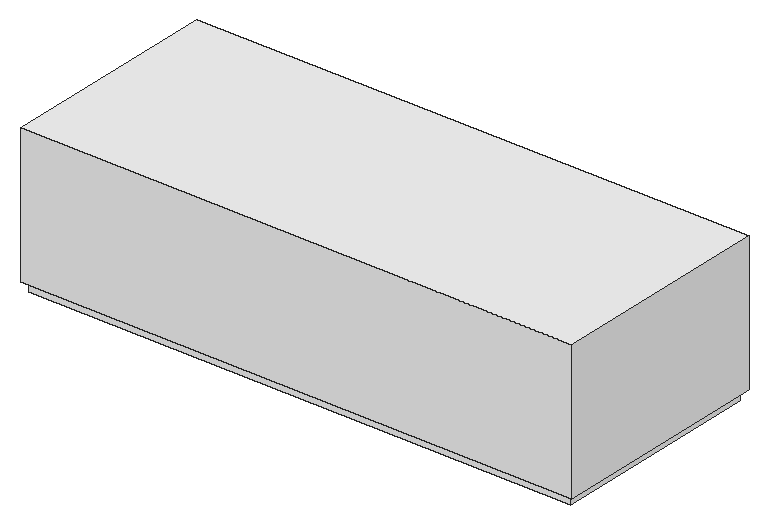
Revit family
Parameters
  URL = "http://www.martinbrattrud.com"
  SCS Certified Product = "Yes"
  Model = "Cor-Bitz 741-60R"
  Manufacturer = "Martin Brattrud, Inc."
  Foot [instance] = none
  Keynote = "125000"
  Copyright = "© 2013 Martin Brattrud, Inc."
  Table [instance] = none
  Authoring Version = "Revit Architecture 2010"
  Assembly Code = "E2020200"
Reference planes (in)
  plane 1 "Center Front/Back": y = 0
  plane 2: z = 0
  plane 3 "Center Left/Right": x = 0
  plane 4: z = 0
Forms (in)
  Extrusion 1, solid, material <- "Table"
    sketch origin (0, 0, 0) x (0, 1, 0) y (-1, 0, 0)
      loop
        line (-12, 30) -> (-12, -30) -> (12, -30) -> (12, 30) -> (-12, 30)
    from 1.25 to 16.25
  Extrusion 2, solid, material <- "Foot"
    sketch origin (0, 0, 0) x (0, 1, 0) y (-1, 0, 0)
      loop
        line (-11.5019, 29.5) -> (-11.5019, -29.5) -> (11.5, -29.5) -> (11.5, 29.5) -> (-11.5019, 29.5)
    from 0.25 to 1.25
  Revolve 3, solid, material <- "Foot"
    sketch origin (-28.17487, 10.125, 0) x (0, -1, 0) y (0, 0, -1)
      loop
        arc (-0.2498, 0) -> (-0.33833, -0.03667) -> (-0.375, -0.1252) r 0.1252
        line (-0.375, -0.1252) -> (-0.375, -0.25) -> (0, -0.25) -> (0, 0) -> (-0.2498, 0)
      axis (0, -0.25) -> (0, 0)
    angle from 0 to 360
  Revolve 4, solid, material <- "Foot"
    sketch origin (-28.17487, -10.125, 0) x (0, -1, 0) y (0, 0, -1)
      loop
        arc (-0.2498, 0) -> (-0.33833, -0.03667) -> (-0.375, -0.1252) r 0.1252
        line (-0.375, -0.1252) -> (-0.375, -0.25) -> (0, -0.25) -> (0, 0) -> (-0.2498, 0)
      axis (0, -0.25) -> (0, 0)
    angle from 0 to 360
  Revolve 5, solid, material <- "Foot"
    sketch origin (28.125, 10.125, 0) x (0, -1, 0) y (0, 0, -1)
      loop
        arc (-0.2498, 0) -> (-0.33833, -0.03667) -> (-0.375, -0.1252) r 0.1252
        line (-0.375, -0.1252) -> (-0.375, -0.25) -> (0, -0.25) -> (0, 0) -> (-0.2498, 0)
      axis (0, -0.25) -> (0, 0)
    angle from 0 to 360
  Revolve 6, solid, material <- "Foot"
    sketch origin (28.125, -10.125, 0) x (0, -1, 0) y (0, 0, -1)
      loop
        arc (-0.2498, 0) -> (-0.33833, -0.03667) -> (-0.375, -0.1252) r 0.1252
        line (-0.375, -0.1252) -> (-0.375, -0.25) -> (0, -0.25) -> (0, 0) -> (-0.2498, 0)
      axis (0, -0.25) -> (0, 0)
    angle from 0 to 360
